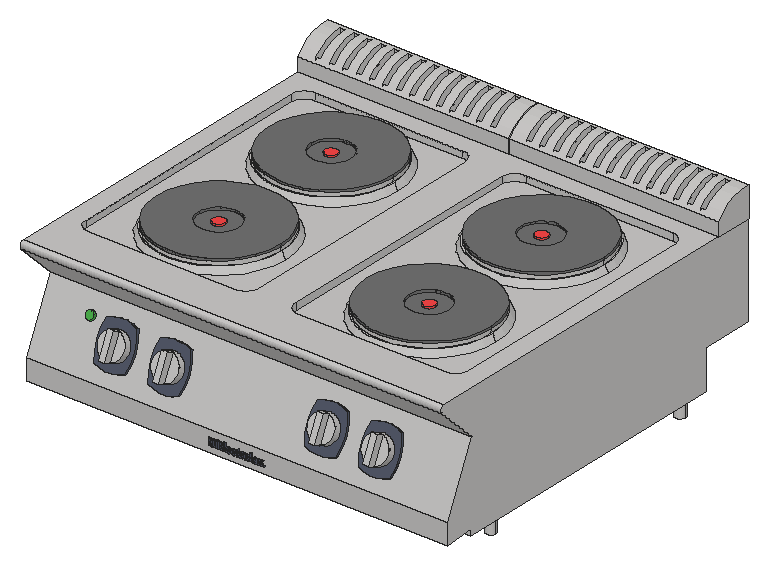
Revit family "QF_ELECTROLUXPROFESSIONAL_371015_E7ECEH4R00", category Specialty Equipment, Revit 2018 (continued)
Automatic sketch dimensions
  Extrusion 8 sketch curve to Extrusion 8 sketch curve = 0.472 mm
  Extrusion 8 sketch curve to Extrusion 8 sketch curve = 0.101 mm
  Extrusion 8 sketch curve to Extrusion 8 sketch curve = 0.54 mm
  Extrusion 8 sketch curve to Extrusion 8 sketch curve = 0.02 mm
  Extrusion 8 sketch curve to Extrusion 8 sketch curve = 0.468 mm
  Extrusion 8 sketch curve to Extrusion 8 sketch curve = 0.829 mm
  Extrusion 8 sketch curve to Extrusion 8 sketch curve = 0.582 mm
  Extrusion 8 sketch curve to Extrusion 8 sketch curve = 0.166 mm
  Extrusion 8 sketch curve to Extrusion 8 sketch curve = 0.16 mm
  Extrusion 8 sketch curve to Extrusion 8 sketch curve = 2.781 mm
  Extrusion 8 sketch curve to Extrusion 8 sketch curve = 1.118 mm
  Extrusion 8 sketch curve to Extrusion 8 sketch curve = 0.613 mm
  Extrusion 8 sketch curve to Extrusion 8 sketch curve = 0.361 mm
  Extrusion 8 sketch curve to Extrusion 8 sketch curve = 0.897 mm
  Extrusion 8 sketch curve to Extrusion 8 sketch curve = 0.167 mm
  Extrusion 8 sketch curve to Extrusion 8 sketch curve = 0.292 mm
  Extrusion 8 sketch curve to Extrusion 8 sketch curve = 0.305 mm
  Extrusion 8 sketch curve to Extrusion 8 sketch curve = 1.557 mm
  Extrusion 8 sketch curve to Extrusion 8 sketch curve = 2.499 mm
  Extrusion 8 sketch curve to Extrusion 8 sketch curve = 3.062 mm
  Extrusion 8 sketch curve to Extrusion 8 sketch curve = 2.968 mm
  Extrusion 8 sketch curve to Extrusion 8 sketch curve = 5.044 mm
  Extrusion 8 sketch curve to Extrusion 8 sketch curve = 0.629 mm  (x2)
  Extrusion 8 sketch curve to Extrusion 8 sketch curve = 1.131 mm
  Extrusion 8 sketch curve to Extrusion 8 sketch curve = 0.137 mm
  Extrusion 8 sketch curve to Extrusion 8 sketch curve = 0.027 mm
  Extrusion 8 sketch curve to Extrusion 8 sketch curve = 2.235 mm
  Extrusion 9 sketch curve to plane 10 "TOP A" = 0 mm
  Extrusion 9 sketch curve to plane 1 "BACK" = 0 mm
  plane 1 "BACK" to Extrusion 9 sketch curve = 4.947 mm
  plane 6 "TOP" to Extrusion 9 sketch curve = 11.113 mm
  plane 1 "BACK" to Extrusion 9 sketch curve = 69.85 mm
  Extrusion 9 sketch curve to plane 10 "TOP A" = 24.807 mm
  plane 1 "BACK" to Extrusion 10 sketch curve = 6.761 mm  (x14)
  Extrusion 10 sketch curve to Extrusion 10 sketch curve = 57.15 mm
  Extrusion 10 sketch curve to Extrusion 10 sketch curve = 0 mm  (x13)
  Extrusion 10 sketch curve to Extrusion 10 sketch curve = 9.296 mm  (x14)
  Extrusion 10 sketch curve to Extrusion 10 sketch curve = 16.193 mm  (x13)
  Extrusion 11 sketch curve to plane 10 "TOP A" = 0 mm
  Extrusion 11 sketch curve to plane 1 "BACK" = 0 mm
  plane 1 "BACK" to Extrusion 11 sketch curve = 4.947 mm
  plane 6 "TOP" to Extrusion 11 sketch curve = 11.113 mm
  plane 1 "BACK" to Extrusion 11 sketch curve = 69.85 mm
  Extrusion 11 sketch curve to plane 10 "TOP A" = 24.807 mm
  plane 1 "BACK" to Extrusion 12 sketch curve = 6.761 mm  (x14)
  Extrusion 12 sketch curve to Extrusion 12 sketch curve = 57.15 mm
  Extrusion 12 sketch curve to Extrusion 12 sketch curve = 0 mm  (x13)
  plane 7 "Center Y" to Extrusion 12 sketch curve = 29.703 mm
  Extrusion 12 sketch curve to Extrusion 12 sketch curve = 9.296 mm  (x14)
  Extrusion 12 sketch curve to Extrusion 12 sketch curve = 16.193 mm  (x13)
  Extrusion 1 to Extrusion 13 sketch curve = 35.025 mm
  Extrusion 13 sketch curve to Extrusion 13 sketch curve = 25.4 mm  (x6)
  Extrusion 13 sketch curve to Extrusion 13 sketch curve = 279.2 mm  (x2)
  Extrusion 1 to Extrusion 13 sketch curve = 103.359 mm
  Extrusion 13 sketch curve to Extrusion 13 sketch curve = 70.05 mm
  Extrusion 1 to Extrusion 13 sketch curve = 60.425 mm  (x2)
  Extrusion 1 to Extrusion 13 sketch curve = 77.959 mm
  Extrusion 1 to Extrusion 13 sketch curve = 130.285 mm
  Extrusion 13 sketch curve to Extrusion 13 sketch curve = 0 mm
  Extrusion 14 sketch curve to Extrusion 14 sketch curve = 0 mm
  Extrusion 14 sketch curve to Extrusion 14 sketch curve = 12.3 mm  (x3)
  Extrusion 14 sketch curve to Extrusion 14 sketch curve = 34.925 mm  (x2)
  Extrusion 14 sketch curve to Extrusion 14 sketch curve = 46.691 mm
  Extrusion 14 sketch curve to Extrusion 14 sketch curve = 25.114 mm
  Extrusion 16 sketch curve to Extrusion 16 sketch curve = 24.732 mm
  Extrusion 16 sketch curve to Extrusion 16 sketch curve = 0 mm
  Extrusion 17 sketch curve to plane 4 "RIGHT" = 119.333 mm
  Extrusion 17 sketch curve to Extrusion 17 sketch curve = 0 mm
  Extrusion 17 sketch curve to Extrusion 17 sketch curve = 12.3 mm  (x3)
  Extrusion 17 sketch curve to Extrusion 17 sketch curve = 34.925 mm  (x2)
  Extrusion 17 sketch curve to Extrusion 17 sketch curve = 46.691 mm
  Extrusion 17 sketch curve to Extrusion 17 sketch curve = 25.727 mm
  Extrusion 17 sketch curve to Extrusion 17 sketch curve = 26.344 mm
  Extrusion 17 sketch curve to Extrusion 17 sketch curve = 28.57 mm
  Extrusion 19 sketch curve to Extrusion 19 sketch curve = 24.732 mm
  Extrusion 19 sketch curve to Extrusion 19 sketch curve = 0 mm
  plane 7 "Center Y" to Extrusion 20 sketch curve = 178.217 mm
  Extrusion 20 sketch curve to Extrusion 20 sketch curve = 0 mm
  Extrusion 20 sketch curve to Extrusion 20 sketch curve = 12.3 mm  (x3)
  Extrusion 20 sketch curve to Extrusion 20 sketch curve = 34.925 mm  (x2)
  Extrusion 20 sketch curve to Extrusion 20 sketch curve = 46.691 mm
  Extrusion 20 sketch curve to Extrusion 20 sketch curve = 25.727 mm
  Extrusion 20 sketch curve to Extrusion 20 sketch curve = 26.344 mm
  Extrusion 20 sketch curve to Extrusion 20 sketch curve = 28.57 mm
  Extrusion 22 sketch curve to Extrusion 22 sketch curve = 24.732 mm
  Extrusion 22 sketch curve to Extrusion 22 sketch curve = 0 mm
  curve 37 to curve 37 = 9.296 mm
  curve 35 to curve 38 = 16.193 mm
  plane 3 "LEFT" to Extrusion 5 sketch curve = 119.333 mm
  Extrusion 5 sketch curve to Extrusion 5 sketch curve = 0.617 mm
  Extrusion 5 sketch curve to Extrusion 5 sketch curve = 28.57 mm
  Extrusion 5 sketch curve to Extrusion 5 sketch curve = 29.185 mm
  plane 3 "LEFT" to Extrusion 10 sketch curve = 29.703 mm
  Extrusion 14 sketch curve to plane 7 "Center Y" = 178.217 mm
  Extrusion 14 sketch curve to Extrusion 14 sketch curve = 0.617 mm
  Extrusion 14 sketch curve to Extrusion 14 sketch curve = 29.185 mm
  Extrusion 1 to Extrusion 23 sketch curve = 38.77 mm
  Extrusion 1 to Extrusion 23 sketch curve = 89.384 mm
  curve 4 to curve 7 = 69.85 mm
  curve 129 to plane 12 = 17.353 mm
  plane 3 "LEFT" to curve 129 = 35.025 mm
  curve 129 to curve 123 = 25.4 mm
  curve 128 to curve 127 = 25.4 mm
  curve 127 to plane 7 "Center Y" = 60.425 mm
  curve 58 to curve 124 = 4.062 mm
  curve 124 to plane 12 = 17.353 mm
  plane 11 to curve 126 = 47 mm
  curve 131 to plane 12 = 17.353 mm
  plane 7 "Center Y" to curve 131 = 35.025 mm
  curve 130 to curve 131 = 25.4 mm
  curve 137 to curve 137 = 25.4 mm
  curve 72 to curve 133 = 4.062 mm
  curve 136 to plane 4 "RIGHT" = 60.425 mm
  curve 134 to plane 12 = 17.353 mm
  plane 11 to curve 137 = 47 mm
  radius of Extrusion 2 sketch curve = 9.525 mm  (x4)
  radius of Extrusion 3 sketch curve = 12.7 mm
  radius of Extrusion 6 sketch curve = 25.4 mm
  radius of Extrusion 7 sketch curve to Extrusion 6 = 0 mm  (x2)
  radius of Extrusion 15 sketch curve = 25.4 mm
  radius of Extrusion 16 sketch curve to Extrusion 15 = 0 mm  (x2)
  radius of Extrusion 18 sketch curve = 25.4 mm
  radius of Extrusion 19 sketch curve to Extrusion 18 = 0 mm  (x2)
  radius of Extrusion 21 sketch curve = 25.4 mm
  radius of Extrusion 22 sketch curve to Extrusion 21 = 0 mm  (x2)
  radius of Extrusion 23 sketch curve = 8 mm
Nested families
  nested 1: "371015_QF_Electrolux_HOT PLATES" at (72.525, -113.898, 261.938), type "371015_QF_Electrolux_HOT PLATES"
    with Type Mark "", Specification by User "", Revision Code "", Item Number "", Installed By "", Identify Quantity as Lot yes, Furnished By "", Foodservice Equipment Identifier yes
  nested 2: "371015_QF_Electrolux_HOT PLATES" at (72.525, -635.872, 261.938), type "371015_QF_Electrolux_HOT PLATES"
    with Type Mark "", Specification by User "", Revision Code "", Item Number "", Installed By "", Identify Quantity as Lot yes, Furnished By "", Foodservice Equipment Identifier yes
  nested 3: "371015_QF_Electrolux_HOT PLATES" at (727.575, -113.898, 261.938) x (-1, 0, 0) z (0, 0, 1), type "371015_QF_Electrolux_HOT PLATES"
    with Type Mark "", Specification by User "", Revision Code "", Item Number "", Installed By "", Identify Quantity as Lot yes, Furnished By "", Foodservice Equipment Identifier yes
  nested 4: "371015_QF_Electrolux_HOT PLATES" at (727.575, -635.872, 261.938) x (-1, 0, 0) z (0, 0, 1), type "371015_QF_Electrolux_HOT PLATES"
    with Type Mark "", Specification by User "", Revision Code "", Item Number "", Installed By "", Identify Quantity as Lot yes, Furnished By "", Foodservice Equipment Identifier yes
Connectors
  electrical at (747.712, -98.425, 60.325), driven by "Volts", driven by "Watts"
    settings: on Extrusion 3, index 1, voltage 400 V, apparent load 10400 VA, apparent load phase1 0 VA, apparent load phase2 0 VA, apparent load phase3 0 VA, power factor 1, load classification "Other", number of poles 1, system type 30, power factor state 1, is connector primary yes, connector utility no, sub classification motor no, connector description "Electrical Connection"
Definition of nested family "371015_QF_Electrolux_HOT PLATES"
  Parameters
    Width = 255 mm  # constant formula
    Weight in Pounds = 0
    URL Cutsheet = ""
    URL = ""
    Type Mark [instance] = ""
    Specification by User [instance] = ""
    Specification by Manufacturer = ""
    Serial Number = ""
    Seismic Rating = ""
    SMACNA No = ""
    Revision Code [instance] = ""
    Omniclass Number and Title = ""
    NAFEM Spec ID Number = ""
    Model = ""
    Masterspec = ""
    Manufacturer = ""
    Item Number [instance] = ""
    Installed By [instance] = ""
    Identify Quantity as Lot [instance] = yes
    Height = 23 mm  # constant formula
    Furnished By [instance] = ""
    Foodservice Equipment Identifier [instance] = yes
    Description = ""
    Depth = 255 mm  # constant formula
    CSI MasterFormat = ""
    CSI Master Format = ""
    Assembly Code = ""
  Reference planes
    plane 1 "BACK": y = 0
    plane 2: z = 0
    plane 3 "LEFT": x = 0
    plane 4 "RIGHT": x = 255
    plane 5 "FRONT": y = -255
    plane 6 "TOP": z = 23
    plane 7 "Center Y": x = 127.5
    plane 8 "Center X": y = -127.5
  Forms (mm)
    Extrusion 1, solid
      sketch origin (-72.525, 113.875, 19.181) x (1, 0, 0) y (0, 1, 0)
        loop
          circle (200.025, -241.375) r 117.925
        loop
          circle (200.025, -241.375) r 38.208
      from 0 to 3.819
    Extrusion 2, solid
      sketch origin (-72.525, 113.875, 19.181) x (1, 0, 0) y (0, 1, 0)
        loop
          circle (200.025, -241.375) r 11.669
      from 0 to 1.964
    Extrusion 3, solid
      sketch origin (-72.525, 113.875, 12.7) x (1, 0, 0) y (0, 1, 0)
        loop
          circle (200.025, -241.375) r 38.208
      from 0 to 6.481
    Blend 4, solid
      base sketch origin (-72.525, 113.875, 0) x (1, 0, 0) y (0, 1, 0)
        loop
          circle (200.025, -241.375) r 127.548
      top sketch origin (-72.525, 113.875, 0) x (1, 0, 0) y (0, 1, 0)
        loop
          circle (200.025, -241.375) r 120.402
      from 0 to 11.731
    Extrusion 5, solid
      sketch origin (-72.525, 113.875, 11.731) x (1, 0, 0) y (0, 1, 0)
        loop
          circle (200.025, -241.375) r 117.925
        loop
          circle (200.025, -241.375) r 39.808
      from 0 to 7.45
  Lines and regions (mm)
    symbolic lines
      curve 1: circle (127.5, -127.5, 0) r 11.669 normal (0, 0, 1)
      curve 2: circle (127.5, -127.5, 0) r 38.208 normal (0, 0, 1)
      curve 3: circle (127.5, -127.5, 0) r 120.402 normal (0, 0, 1)
      curve 4: circle (127.5, -127.5, 0) r 127.548 normal (0, 0, 1)
  Dimensions and locks
    equal spacing: plane 3 "LEFT", plane 7 "Center Y", plane 4 "RIGHT"
    "Width": plane 3 "LEFT" to plane 4 "RIGHT"
    equal spacing: plane 5 "FRONT", plane 8 "Center X", plane 1 "BACK"
    "Depth": plane 5 "FRONT" to plane 1 "BACK"
    plane 1 "BACK" to plane 5 "FRONT" = 255 mm
    "Height": plane 6 "TOP" to level
    aligned and locked: level to plane 2
  Automatic sketch dimensions
    Extrusion 3 sketch curve to plane 7 "Center Y" = 0 mm
    Extrusion 3 sketch curve to plane 8 "Center X" = 0 mm
    Blend 4 sketch curve to plane 7 "Center Y" = 0 mm  (x2)
    Blend 4 sketch curve to plane 8 "Center X" = 0 mm  (x2)
    curve 1 to curve 2 = 0 mm  (x2)
    curve 1 to curve 3 = 0 mm  (x2)
    curve 1 to curve 4 = 0 mm  (x2)
    curve 2 to curve 3 = 0 mm  (x2)
    curve 2 to curve 4 = 0 mm  (x2)
    curve 3 to curve 4 = 0 mm  (x2)
    curve 2 to plane 7 "Center Y" = 0 mm
    curve 2 to plane 8 "Center X" = 0 mm
    radius of Extrusion 1 sketch curve to Extrusion 5 = 0 mm
    radius of Extrusion 1 sketch curve to Extrusion 5 = 1.6 mm
    radius of Extrusion 2 sketch curve to Extrusion 3 = 26.539 mm
    radius of Extrusion 3 sketch curve = 38.208 mm
    radius of Blend 4 sketch curve = 127.548 mm
    radius of Blend 4 sketch curve = 120.402 mm
    radius of Extrusion 5 sketch curve to Blend 4 = 2.478 mm
    radius of Extrusion 5 sketch curve to Blend 4 = 80.594 mm
    radius of curve 1 = 11.669 mm
    radius of curve 2 = 38.208 mm
    radius of curve 3 = 120.402 mm
    radius of curve 4 = 127.548 mm
